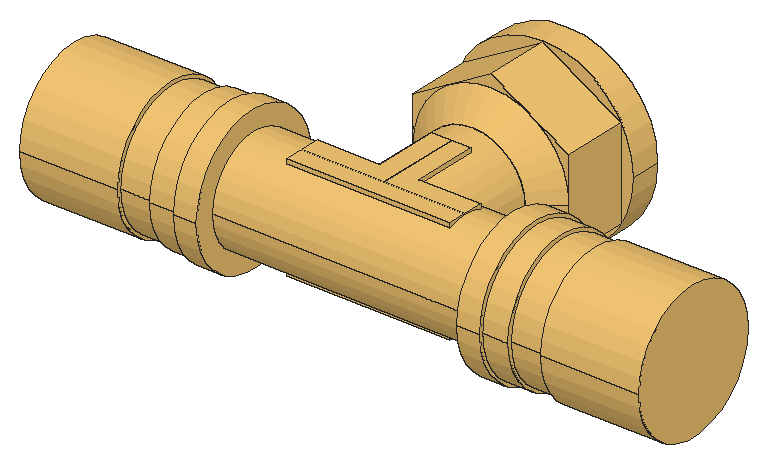
Revit family "VTm.432.BG", category Соединительные детали трубопроводов, Revit 2019
Family settings
  Размер круглого соединителя = Использовать диаметр
  Тип детали = Тройник
  На основе рабочей плоскости = Нет
  Всегда вертикально = Да
  При загрузке вырезать с полостями = Нет
  Общий = Нет
Parameters
  Таблица = "VTm.432.BG"  # constant formula
  Изготовитель = "VALTEC"  # constant formula
  msg [instance] = size_lookup(Таблица, "msg", 0 mm, Du1, Du2)  # 50 mm
  msf [instance] = size_lookup(Таблица, "msf", 0 mm, Du1, Du2)  # 110 mm
  hz [instance] = size_lookup(Таблица, "hz", 0 mm, Du1, Du2)  # 6 mm
  hy [instance] = size_lookup(Таблица, "hy", 0 mm, Du1, Du2)  # 25 mm
  hx [instance] = size_lookup(Таблица, "hx", 0 mm, Du1, Du2)  # 13 mm
  h [instance] = size_lookup(Таблица, "h", 0 mm, Du1, Du2)  # 35 mm
  g4 [instance] = dn3 + 1 mm  # 22 mm
  g3 [instance] = dn3 - 1 mm  # 20 mm
  g2 [instance] = dn1 + 1 mm  # 22 mm
  g1 [instance] = dn1 - 1 mm  # 20 mm
  dn3 [instance] = size_lookup(Таблица, "dn3", 0 mm, Du1, Du2, Du3)  # 21 mm
  dn2 [instance] = size_lookup(Таблица, "dn2", 0 mm, Du1, Du2)  # 19 mm
  dn1 [instance] = size_lookup(Таблица, "dn1", 0 mm, Du1, Du2)  # 21 mm
  d2 [instance] = size_lookup(Таблица, "d2", 0 mm, Du1, Du2)  # 28 mm
  d1 [instance] = size_lookup(Таблица, "d1", 0 mm, Du1, Du2)  # 16 mm
  b [instance] = size_lookup(Таблица, "b", 0 mm, Du1, Du2)  # 10 mm
  a [instance] = size_lookup(Таблица, "a", 0 mm, Du1, Du2)  # 24 mm
  L3 [instance] = size_lookup(Таблица, "L3", 0 mm, Du1, Du2)  # 17 mm
  L2 [instance] = size_lookup(Таблица, "L2", 0 mm, Du1, Du2)  # 40 mm
  L1 [instance] = size_lookup(Таблица, "L1", 0 mm, Du1, Du2)  # 24 mm
  Du3 [instance] = Du1  # 16 mm
  Du2 [instance] = 15 mm
  Du1 [instance] = 16 mm
  ADSK_Обозначение [instance] = "VTm.432.BG"  # constant formula
  ADSK_Наименование [instance] = size_lookup(Таблица, "", "Данный типоразмер отсутствует", Du1, Du2)  # "Фитинг аксиальный универсальный – тройник надвижной с переходом на внутреннюю резьбу 16 (2,2) мм х 1/2\" х 16 (2,2) мм"
  ADSK_Материал [instance] = Латунь -CW614N
  ADSK_Масса_фитинга [instance] = msf / 1000 mm  # 0.11
  ADSK_Масса_гильзы [instance] = msg / 1000 mm  # 0.05
  ADSK_Код изделия - фитинг [instance] = size_lookup(Таблица, "Код продукта", "Данный типоразмер отсутствует", Du1, Du2)  # "VTm.432.BG.160416"
  ADSK_Код изделия - гильза [instance] = size_lookup(Таблица, "Код гильза", "Данный типоразмер отсутствует", Du1, Du2)  # "VTm.400.BG.001622-VTm.400.BG.001622"
  ADSK_Завод-изготовитель [instance] = Изготовитель  # "VALTEC"
  ADSK_Единица измерения [instance] = "шт."  # constant formula
  ADSK_URL страницы изделия [instance] = "https://valtec.ru/catalog/sistemy_metallopolimernyh_i_polimernyh_truboprovodov/aksialnye_fitingi_universalnye/fiting_aksialnyj_universalnyj_trojnik_nadvijnoj_s_perehodom_na_vnutrennyuyu_rezbu.html"
  ADSK_URL документации изделия [instance] = "https://valtec.ru/document/technical/VTm.400.BG-0321.pdf"
Reference planes
  plane 1 "По центру (Вперед/Назад)": y = 0
  plane 2: z = 0
  plane 3 "По центру (Влево/Вправо)": x = 0
  plane 4: x = 20
  plane 5: x = -20
  plane 6: x = -23.5
  plane 7: x = -27.5
  plane 8: x = -32.5
  plane 9: x = -47.5
  plane 10: x = 23.5
  plane 11: x = 27.5
  plane 12: x = 32.5
  plane 13: x = 47.5
  plane 14: y = 17
  plane 15: y = 20.5
  plane 16: y = 30.5
  plane 17: y = 35
  plane 18: through (0, -1524, 0) normal (-0.5, 0, -0.866)
  plane 19: through (0, -1524, 0) normal (-0.5, 0, 0.866)
  plane 20: through (-9.432, -1524, 19.302) normal (0.5, 0, 0.866)
  plane 21: through (-21.432, -1524, -1.483) normal (0.5, 0, 0.866)
  plane 22: through (12.245, -1524, 20.926) normal (0.5, 0, -0.866)
  plane 23: through (24.869, -1524, 0.502) normal (0.5, 0, -0.866)
  plane 24: x = -12
  plane 25: x = 12
  plane 26: y = -3
  plane 27: y = 3
  plane 28: x = 12.5
  plane 29: x = -12.5
  plane 30: x = -3
  plane 31: x = 3
  plane 32: y = 13
  plane 33: z = 8
  plane 34: z = -8
Forms (mm)
  Extrusion 1, solid, material "Латунь -CW614N" <- "ADSK_Материал", detail levels fine
    sketch origin (0, 0, 0) x (0, 1, 0) y (0, 0, 1)
      loop
        circle (0, 0) r 8
    from -20 to 20
  Extrusion 2, solid, material "Латунь -CW614N" <- "ADSK_Материал", detail levels fine
    sketch origin (0, 0, 0) x (0, 1, 0) y (0, 0, 1)
      loop
        circle (0, 0) r 11
    from -23.5 to -20
  Extrusion 3, solid, material "Латунь -CW614N" <- "ADSK_Материал", detail levels fine
    sketch origin (0, 0, 0) x (0, 1, 0) y (0, 0, 1)
      loop
        circle (0, 0) r 10.5
    from -27.5 to -23.5
  Extrusion 4, solid, material "Латунь -CW614N" <- "ADSK_Материал", detail levels fine
    sketch origin (0, 0, 0) x (0, 1, 0) y (0, 0, 1)
      loop
        circle (0, 0) r 10
    from -32.5 to -27.5
  Extrusion 5, solid, material "Латунь -CW614N" <- "ADSK_Материал", detail levels fine
    sketch origin (0, 0, 0) x (0, 1, 0) y (0, 0, 1)
      loop
        circle (0, 0) r 10.5
    from -47.5 to -32.5
  Extrusion 6, solid, material "Латунь -CW614N" <- "ADSK_Материал", detail levels fine
    sketch origin (0, 0, 0) x (0, 1, 0) y (0, 0, 1)
      loop
        circle (0, 0) r 11
    from 20 to 23.5
  Extrusion 7, solid, material "Латунь -CW614N" <- "ADSK_Материал", detail levels fine
    sketch origin (0, 0, 0) x (0, 1, 0) y (0, 0, 1)
      loop
        circle (0, 0) r 10.5
    from 23.5 to 27.5
  Extrusion 8, solid, material "Латунь -CW614N" <- "ADSK_Материал", detail levels fine
    sketch origin (0, 0, 0) x (0, 1, 0) y (0, 0, 1)
      loop
        circle (0, 0) r 10
    from 27.5 to 32.5
  Extrusion 9, solid, material "Латунь -CW614N" <- "ADSK_Материал", detail levels fine
    sketch origin (0, 0, 0) x (0, 1, 0) y (0, 0, 1)
      loop
        circle (0, 0) r 10.5
    from 32.5 to 47.5
  Extrusion 10, solid, material "Латунь -CW614N" <- "ADSK_Материал", detail levels fine
    sketch origin (0, 0, 0) x (1, 0, 0) y (0, 0, 1)
      loop
        circle (0, 0) r 14
    from -35 to -30.5
  Extrusion 11, solid, material "Латунь -CW614N" <- "ADSK_Материал", detail levels fine
    sketch origin (0, 0, 0) x (1, 0, 0) y (0, 0, 1)
      loop
        circle (0, 0) r 8
    from -17 to 0
  Blend 12, solid, material "Латунь -CW614N" <- "ADSK_Материал", detail levels fine
    base sketch origin (0, 0, 0) x (1, 0, 0) y (0, 0, 1)
      loop
        circle (0, 0) r 12
    top sketch origin (0, 0, 0) x (1, 0, 0) y (0, 0, 1)
      loop
        circle (0, 0) r 8
    from -20.5 to -17
  Extrusion 13, solid, material "Латунь -CW614N" <- "ADSK_Материал", detail levels fine
    sketch origin (0, 0, 0) x (1, 0, 0) y (0, 1, 0)
      loop
        line (-12.5, -3) -> (12.5, -3) -> (12.5, 3) -> (3, 3) -> (3, 13) -> (-3, 13) -> (-3, 3) -> (-12.5, 3) -> (-12.5, -3)
    from -8 to 8
  Extrusion 14, solid, material "Латунь -CW614N" <- "ADSK_Материал", detail levels fine
    sketch origin (0, 0, 0) x (1, 0, 0) y (0, 0, 1)
      loop
        line (0, 13.856) -> (-12, 6.928) -> (-12, -6.928) -> (0, -13.856) -> (12, -6.928) -> (12, 6.928) -> (0, 13.856)
    from -30.5 to -20.5
Dimensions and locks
  equal spacing: plane 5, plane 3 "По центру (Влево/Вправо)", plane 4
  "L2": plane 5 to plane 4
  locked: plane 6 to plane 5 at 3.5
  locked: plane 7 to plane 6 at 4
  locked: plane 8 to plane 7 at 5
  "L1": plane 9 to plane 6
  locked: plane 4 to plane 10 at 3.5
  locked: plane 10 to plane 11 at 4
  locked: plane 11 to plane 12 at 5
  "L1": plane 10 to plane 13
  locked: plane 17 to plane 16 at 4.5
  "h": plane 17 to plane 1 "По центру (Вперед/Назад)"
  "b": plane 16 to plane 15
  "L3": plane 1 "По центру (Вперед/Назад)" to plane 14
  equal spacing: plane 25, plane 3 "По центру (Влево/Вправо)", plane 24
  "a": plane 25 to plane 24
  equal spacing: plane 20, plane 18, plane 21  (x2)
  equal spacing: plane 23, plane 19, plane 22
  "a": plane 23 to plane 22
  equal spacing: plane 27, plane 1 "По центру (Вперед/Назад)", plane 26
  "hz": plane 27 to plane 26
  equal spacing: plane 30, plane 3 "По центру (Влево/Вправо)", plane 31
  "hz": plane 30 to plane 31
  "hx": plane 32 to plane 1 "По центру (Вперед/Назад)"
  equal spacing: plane 29, plane 3 "По центру (Влево/Вправо)", plane 28
  "hy": plane 29 to plane 28
  equal spacing: plane 33, level, plane 34
  "d1": plane 33 to plane 34
  "a": plane 20 to plane 21
  "d1": diameter of Extrusion 1 sketch curve
  "g2": diameter of Extrusion 2 sketch curve
  "dn1": diameter of Extrusion 3 sketch curve
  "g1": diameter of Extrusion 4 sketch curve
  "dn1": diameter of Extrusion 5 sketch curve
  "g4": diameter of Extrusion 6 sketch curve
  "dn3": diameter of Extrusion 7 sketch curve
  "g3": diameter of Extrusion 8 sketch curve
  "dn3": diameter of Extrusion 9 sketch curve
  "d2": diameter of Extrusion 10 sketch curve
  "d1": diameter of Extrusion 11 sketch curve
  "a": diameter of Blend 12 sketch curve
  "d1": diameter of Blend 12 sketch curve
  aligned and locked: level to plane 2
  aligned and locked: plane 1 "По центру (Вперед/Назад)" to Extrusion 1 sketch curve
  aligned and locked: level to Extrusion 1 sketch curve
  aligned and locked: Extrusion 1 to plane 5
  aligned and locked: plane 4 to Extrusion 1
  aligned and locked: plane 1 "По центру (Вперед/Назад)" to Extrusion 2 sketch curve
  aligned and locked: level to Extrusion 2 sketch curve
  aligned and locked: Extrusion 2 to plane 6
  aligned and locked: plane 5 to Extrusion 2
  aligned and locked: plane 1 "По центру (Вперед/Назад)" to Extrusion 3 sketch curve
  aligned and locked: level to Extrusion 3 sketch curve
  aligned and locked: Extrusion 3 to plane 7
  aligned and locked: plane 6 to Extrusion 3
  aligned and locked: plane 1 "По центру (Вперед/Назад)" to Extrusion 4 sketch curve
  aligned and locked: level to Extrusion 4 sketch curve
  aligned and locked: Extrusion 4 to plane 8
  aligned and locked: plane 7 to Extrusion 4
  aligned and locked: plane 1 "По центру (Вперед/Назад)" to Extrusion 5 sketch curve
  aligned and locked: level to Extrusion 5 sketch curve
  aligned and locked: Extrusion 5 to plane 9
  aligned and locked: plane 8 to Extrusion 5
  aligned and locked: plane 1 "По центру (Вперед/Назад)" to Extrusion 6 sketch curve
  aligned and locked: level to Extrusion 6 sketch curve
  aligned and locked: Extrusion 6 to plane 4
  aligned and locked: plane 10 to Extrusion 6
  aligned and locked: plane 1 "По центру (Вперед/Назад)" to Extrusion 7 sketch curve
  aligned and locked: level to Extrusion 7 sketch curve
  aligned and locked: Extrusion 7 to plane 10
  aligned and locked: plane 11 to Extrusion 7
  aligned and locked: plane 1 "По центру (Вперед/Назад)" to Extrusion 8 sketch curve
  aligned and locked: level to Extrusion 8 sketch curve
  aligned and locked: Extrusion 8 to plane 11
  aligned and locked: plane 12 to Extrusion 8
  aligned and locked: plane 1 "По центру (Вперед/Назад)" to Extrusion 9 sketch curve
  aligned and locked: level to Extrusion 9 sketch curve
  aligned and locked: Extrusion 9 to plane 12
  aligned and locked: plane 13 to Extrusion 9
  aligned and locked: plane 3 "По центру (Влево/Вправо)" to Extrusion 10 sketch curve
  aligned and locked: level to Extrusion 10 sketch curve
  aligned and locked: Extrusion 10 to plane 17
  aligned and locked: Extrusion 10 to plane 16
  aligned and locked: plane 3 "По центру (Влево/Вправо)" to Extrusion 11 sketch curve
  aligned and locked: level to Extrusion 11 sketch curve
  aligned and locked: plane 14 to Extrusion 11
  aligned and locked: plane 1 "По центру (Вперед/Назад)" to Extrusion 11
  aligned and locked: plane 3 "По центру (Влево/Вправо)" to Blend 12 sketch curve  (x2)
  aligned and locked: level to Blend 12 sketch curve  (x2)
  aligned and locked: Blend 12 to plane 15
  aligned and locked: Blend 12 to plane 14
  aligned and locked: plane 26 to Extrusion 13 sketch curve
  aligned and locked: Extrusion 13 sketch curve to plane 28
  aligned and locked: plane 29 to Extrusion 13 sketch curve
  aligned and locked: Extrusion 13 sketch curve to plane 27  (x2)
  aligned and locked: Extrusion 13 sketch curve to plane 31
  aligned and locked: plane 30 to Extrusion 13 sketch curve
  aligned and locked: Extrusion 13 sketch curve to plane 32
  aligned and locked: plane 34 to Extrusion 13
  aligned and locked: Extrusion 13 to plane 33
  aligned and locked: plane 20 to Extrusion 14 sketch curve
  aligned and locked: plane 25 to Extrusion 14 sketch curve
  aligned and locked: plane 23 to Extrusion 14 sketch curve
  aligned and locked: Extrusion 14 sketch curve to plane 21
  aligned and locked: Extrusion 14 sketch curve to plane 24
  aligned and locked: Extrusion 14 sketch curve to plane 22
  aligned and locked: Extrusion 14 to plane 16
  aligned and locked: Extrusion 14 to plane 15
Nested families
  nested 1: "условный вид_3" at (0, 0, 0), type "условный вид_3", detail levels coarse+medium
Connectors
  piping at (-23.5, 0, 0), diameter 16, driven by "Du1"
    settings: on Extrusion 2, index 1, connector inside diameter 609.6 mm, connector length 0 mm, flow factor 0, pipe flow 0.0 L/s, pressure drop 0.0 Pa, fitting loss kfactor 0, connector angle 0.00°, fixture units 0, engagement length 0 mm, angle of deflection 0.00°, flow configuration 0, flow direction 0, fitting loss method 0, system type 28, joint type 0, gender type 0, connector reference index -1, connector utility 0, adjustable connector no, is connector primary yes, connector description ""
  piping at (23.5, 0, 0), diameter 16, driven by "Du3"
    settings: on Extrusion 6, index 2, connector inside diameter 609.6 mm, connector length 0 mm, flow factor 0, pipe flow 0.0 L/s, pressure drop 0.0 Pa, fitting loss kfactor 0, connector angle 0.00°, fixture units 0, engagement length 0 mm, angle of deflection 0.00°, flow configuration 0, flow direction 0, fitting loss method 0, system type 28, joint type 0, gender type 0, connector reference index -1, connector utility 0, adjustable connector no, is connector primary no, connector description ""
  piping at (0, 20.5, 0), diameter 15, driven by "Du2"
    settings: on Extrusion 14, index 3, connector inside diameter 609.6 mm, connector length 0 mm, flow factor 0, pipe flow 0.0 L/s, pressure drop 0.0 Pa, fitting loss kfactor 0, connector angle 0.00°, fixture units 0, engagement length 0 mm, angle of deflection 0.00°, flow configuration 0, flow direction 0, fitting loss method 0, system type 28, joint type 0, gender type 0, connector reference index -1, connector utility 0, adjustable connector no, is connector primary no, connector description ""
Definition of nested family "условный вид_3"
  Reference planes
    plane 1: y = 0
    plane 2: x = 0
  Lines and regions (mm)
    Filled region 1, type "Цветовая область 1"
      outline origin (0, 0, 0) x (1, 0, 0) y (0, 1, 0)
        loop
          line (0, 35) -> (-10.621, 10) -> (10, 10) -> (0, 35)
    detail lines
      curve 1: line (0, 0, 0) -> (0, 10, 0)
      curve 2: line (0, 0, 0) -> (25, 0, 0)
      curve 3: line (0, 0, 0) -> (-25, 0, 0)
      curve 4: line (10, 10, 0) -> (-10.621, 10, 0)
      curve 5: line (0, 35, 0) -> (-10.621, 10, 0)
      curve 6: line (0, 35, 0) -> (10, 10, 0)
  Dimensions and locks
    aligned and locked: Filled region 1 sketch curve to curve 5
    aligned and locked: Filled region 1 sketch curve to curve 6
    aligned and locked: Filled region 1 sketch curve to curve 4
